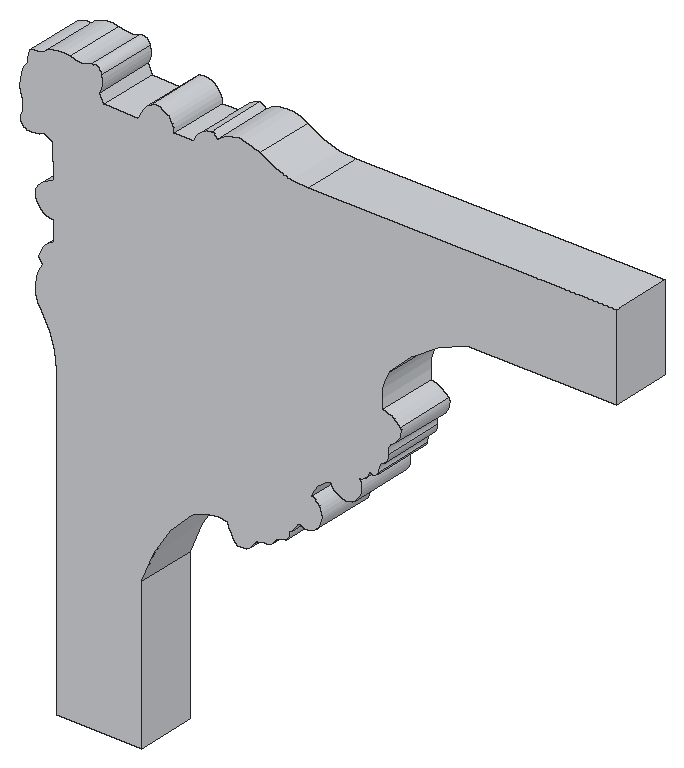
Revit family "OracDecor_P3020A", category Обобщенные модели, Revit 2019
Family settings
  Может служить основой для арматурных стержней = Нет
  Размер круглого соединителя = Использовать диаметр
  Тип детали = Нормальный
  На основе рабочей плоскости = Нет
  Всегда вертикально = Да
  При загрузке вырезать с полостями = Нет
  Общий = Нет
  Точка расчета площади = Нет
Parameters
  Изготовитель = "Family from POCHERTEAM"  # constant formula
  URL = "t.me/pocherteam"
Reference planes
  plane 1 "По центру (Вперед/Назад)": y = 0
  plane 2: z = 0
  plane 3 "По центру (Влево/Вправо)": x = 0
Forms (mm)
  Extrusion 1, solid
    sketch origin (0, 0, 0) x (1, 0, 0) y (0, 0, 1)
      loop
        line (26.159, 0) -> (87.122, 0) -> (87.122, 107.219)
        arc (87.122, 107.219) -> (101.193, 137.545) -> (123.412, 162.524) r 114.693
        arc (123.412, 162.524) -> (135.631, 167.056) -> (148.663, 166.977) r 36.284
        arc (148.663, 166.977) -> (151.307, 159.994) -> (156.033, 154.213) r 23.204
        arc (156.033, 154.213) -> (163.528, 155.035) -> (168.79, 160.435) r 11.164
        arc (168.79, 160.435) -> (172.322, 162.653) -> (176.489, 162.789) r 7.987
        arc (176.489, 162.789) -> (180.406, 163.88) -> (183.208, 166.826) r 7.643
        arc (183.208, 166.826) -> (186.346, 169.313) -> (190.316, 169.843) r 7.544
        arc (190.316, 169.843) -> (192.812, 172.559) -> (193.16, 176.231) r 5.786
        arc (193.16, 176.231) -> (196.909, 179.287) -> (199.267, 183.51) r 12.884
        arc (199.267, 183.51) -> (215.59, 188.822) -> (208.616, 204.507) r 11.554
        arc (208.616, 204.507) -> (211.041, 208.903) -> (214.175, 212.825) r 29.585
        arc (214.175, 212.825) -> (218.097, 215.959) -> (222.493, 218.384) r 29.585
        arc (222.493, 218.384) -> (238.178, 211.41) -> (243.49, 227.733) r 11.554
        arc (243.49, 227.733) -> (247.713, 230.091) -> (250.769, 233.84) r 12.884
        arc (250.769, 233.84) -> (254.441, 234.188) -> (257.157, 236.684) r 5.786
        arc (257.157, 236.684) -> (257.687, 240.654) -> (260.174, 243.792) r 7.544
        arc (260.174, 243.792) -> (263.12, 246.594) -> (264.211, 250.511) r 7.643
        arc (264.211, 250.511) -> (264.347, 254.678) -> (266.565, 258.21) r 7.987
        arc (266.565, 258.21) -> (271.965, 263.472) -> (272.787, 270.967) r 11.164
        arc (272.787, 270.967) -> (267.006, 275.693) -> (260.023, 278.337) r 23.204
        arc (260.023, 278.337) -> (259.944, 291.369) -> (264.476, 303.588) r 36.284
        arc (264.476, 303.588) -> (289.455, 325.807) -> (319.781, 339.878) r 114.693
        line (319.781, 339.878) -> (427, 339.878) -> (427, 400.841) -> (206.02, 400.841)
        arc (206.02, 400.841) -> (187.98, 403.537) -> (171.517, 411.39) r 61.703
        arc (171.517, 411.39) -> (156.544, 415.686) -> (141.904, 410.364) r 25.215
        arc (141.904, 410.364) -> (139.688, 412.089) -> (137.086, 413.146) r 10.231
        arc (137.086, 413.146) -> (129.503, 409.395) -> (124.356, 402.681) r 18.656
        arc (124.356, 402.681) -> (117.19, 402.648) -> (110.024, 402.681) r 774.685
        arc (110.024, 402.681) -> (105.619, 413.016) -> (94.676, 415.56) r 12.411
        arc (94.676, 415.56) -> (88.604, 410.112) -> (85.258, 402.672) r 19.705
        arc (85.258, 402.672) -> (72.755, 402.784) -> (60.274, 403.545) r 240.699
        arc (60.274, 403.545) -> (58.637, 406.703) -> (57.27, 409.986) r 42.689
        arc (57.27, 409.986) -> (59.171, 415.73) -> (58.927, 421.775) r 16.893
        arc (58.927, 421.775) -> (56.238, 425.57) -> (51.648, 426.323) r 6.03
        arc (51.648, 426.323) -> (44.148, 424.733) -> (36.648, 426.323) r 18.489
        arc (36.648, 426.323) -> (25.889, 426.282) -> (16.208, 421.588) r 24.234
        arc (16.208, 421.588) -> (11.619, 421.284) -> (7.304, 419.696) r 16.105
        arc (7.304, 419.696) -> (5.716, 415.381) -> (5.412, 410.792) r 16.105
        arc (5.412, 410.792) -> (0.718, 401.111) -> (0.677, 390.352) r 24.234
        arc (0.677, 390.352) -> (2.267, 382.852) -> (0.677, 375.352) r 18.489
        arc (0.677, 375.352) -> (1.43, 370.762) -> (5.225, 368.073) r 6.03
        arc (5.225, 368.073) -> (11.27, 367.829) -> (17.014, 369.73) r 16.893
        arc (17.014, 369.73) -> (20.297, 368.363) -> (23.455, 366.726) r 42.689
        arc (23.455, 366.726) -> (24.216, 354.245) -> (24.328, 341.742) r 240.699
        arc (24.328, 341.742) -> (16.888, 338.396) -> (11.44, 332.324) r 19.705
        arc (11.44, 332.324) -> (13.984, 321.381) -> (24.319, 316.976) r 12.411
        arc (24.319, 316.976) -> (24.352, 309.81) -> (24.319, 302.644) r 774.685
        arc (24.319, 302.644) -> (17.605, 297.497) -> (13.854, 289.914) r 18.656
        arc (13.854, 289.914) -> (14.911, 287.312) -> (16.636, 285.096) r 10.231
        arc (16.636, 285.096) -> (11.314, 270.456) -> (15.61, 255.483) r 25.215
        arc (15.61, 255.483) -> (23.463, 239.02) -> (26.159, 220.98) r 61.703
        line (26.159, 220.98) -> (26.159, 0)
    from 0 to 42.974
Dimensions and locks
  Extrusion 1 to plane 3 "По центру (Влево/Вправо)" = 427 mm
  Extrusion 1 to level = 426.907 mm
  aligned and locked: level to plane 2
